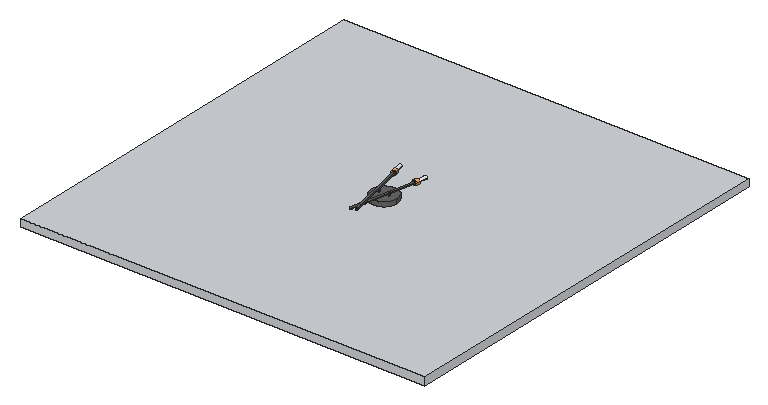
Revit family "P710027-020", category Lighting Fixtures, host Face, Revit 2014
Parameters (values of type "P710027-020")
  Watts = 120 W
  Wattage Comments = "120W"
  Warranty = "5 years Warranty"  # constant formula
  Voltage = 120 V
  URL = "https://www.hubbell.com/progresslighting/en"
  Product Link = "https://www.hubbell.com/progresslighting/en/Products/Lighting-Controls/Design-Series/Wall-Sconce/Astra-Collection-Wall-Bracket/p/2523910"
  Product Documentation Link = "https://hubbellcdn.com/specsheet/PROG_P710027-020_spec.pdf"
  Power Factor = 1
  Model = "P710027-020"  # constant formula
  Manufacturer = "Progress Lighting"  # constant formula
  Load Classification = Lighting
  Gold = Hubbell - Gold
  Width = 7 1/4"
  Lamp = "LED"  # constant formula
  Housing Material = Paint - Hubbell - Textured Camera Black
  Glass = Hubbell - Glass
  Fixture distribution = "Direct"  # constant formula
  Features = "An iconic style design that adds dynamic flair to any room\r\n• Versatile space-aged inspired pieces that can be incorporated into a\r\nvariety of interiors\r\n• Antique Bronze finish\r\n• Wall bracket uses two 60W medium base bulbs (sold separately)\r\n• Ideal for hallways, foyers and entranceways\r\n• Progress Lighting Design Series, a collection offering fashionable styles\r\nand affordable luxury"  # constant formula
  Height = 17 3/4"
  Description = "An iconic fixture, Astra features an organic, asymmetrical design. Ideal for dining room settings or entryways, these space-aged inspired pieces are so versatile they can be incorporated into a variety of interiors. Wall Bracket. Antique Bronze finish."  # constant formula
  Depth = 3 7/8"
  Default Elevation = 48"
  Copyright = " ©2020 Progress Lighting, a division of Hubbell Lighting, Inc"  # constant formula
  Contact = "https://www.hubbell.com/progresslighting/en/contactUs"
  Connector Description = "Lighting Connector"  # constant formula
  Assembly Code = "D5020200"
  Apparent Load = Watts / Power Factor  # 120 VA
Reference planes (in)
  plane 1 "Center (Front/Back)": y = 0
  plane 2: z = 0.5561
  plane 3 "Center (Left/Right)": x = 0
  plane 4: x = -3.625
  plane 5: x = 3.625
  plane 6: y = 8.875
  plane 7: y = -8.875
  plane 8: z = 4.4311
Forms (in)
  Extrusion 1, solid
    sketch origin (0, 0, 0) x (1, 0, 0) y (0, 1, 0)
      loop
        line (-48, 48) -> (-48, -48) -> (48, -48) -> (48, 48) -> (-48, 48)
    from 0.5561 to -1.25
  Extrusion 2, solid, material "Paint - Hubbell - Textured Camera Black" <- "Housing Material"
    sketch origin (0, 0, 0) x (1, 0, 0) y (0, 1, 0)
      loop
        circle (0, 0) r 3
    from 0.5561 to 1.53685
  Revolve 3, solid, material "Hubbell - Gold" <- "Gold"
    sketch origin (1.1418, -0.26482, 2.25) x (-0.984808, -0.173648, 0) y (0.173648, -0.984808, 0)
      loop
        line (-2.24622, -6.81994) -> (-1.8681, -5.89419) -> (-2.33036, -5.70537) -> (-2.70849, -6.63113) -> (-2.24622, -6.81994)
      axis (-2.70849, -6.63113) -> (-2.33036, -5.70537)
    angle from 0 to 360
  Revolve 4, solid, material "Paint - Hubbell - Textured Camera Black" <- "Housing Material"
    sketch origin (1.1418, -0.26482, 2.25) x (-0.984808, -0.173648, 0) y (0.173648, -0.984808, 0)
      loop
        line (-2.33036, -5.70537) -> (-2.14594, -5.7807) -> (3.625, 8.34814) -> (3.45087, 8.44868) -> (-2.33036, -5.70537)
      axis (-2.33036, -5.70537) -> (3.45087, 8.44868)
    angle from 0 to 360
  Revolve 5, solid, material "Hubbell - Glass" <- "Glass"
    sketch origin (1.1418, -0.26482, 2.25) x (-0.984808, -0.173648, 0) y (0.173648, -0.984808, 0)
      loop
        line (-2.70849, -6.63113) -> (-3.53646, -8.65822)
        arc (-3.53646, -8.65822) -> (-3.32756, -8.68102) -> (-3.1262, -8.62091) r 0.53047
        line (-3.1262, -8.62091) -> (-2.36995, -6.76941) -> (-2.70849, -6.63113)
      axis (-2.70849, -6.63113) -> (-3.53646, -8.65822)
    angle from 0 to 360
  Revolve 6, solid, material "Hubbell - Gold" <- "Gold"
    sketch origin (-1.1418, -0.26482, 2.625) x (0.984808, -0.173648, 0) y (0.173648, 0.984808, 0)
      loop
        line (-2.24622, 6.81994) -> (-2.70849, 6.63113) -> (-2.33036, 5.70537) -> (-1.8681, 5.89419) -> (-2.24622, 6.81994)
      axis (-2.70849, 6.63113) -> (-2.33036, 5.70537)
    angle from 0 to 360
  Revolve 7, solid, material "Paint - Hubbell - Textured Camera Black" <- "Housing Material"
    sketch origin (-1.1418, -0.26482, 2.625) x (0.984808, -0.173648, 0) y (0.173648, 0.984808, 0)
      loop
        line (-2.33036, 5.70537) -> (3.45087, -8.44868) -> (3.625, -8.34814) -> (-2.14594, 5.7807) -> (-2.33036, 5.70537)
      axis (-2.33036, 5.70537) -> (3.45087, -8.44868)
    angle from 0 to 360
  Revolve 8, solid, material "Hubbell - Glass" <- "Glass"
    sketch origin (-1.1418, -0.26482, 2.625) x (0.984808, -0.173648, 0) y (0.173648, 0.984808, 0)
      loop
        line (-2.70849, 6.63113) -> (-2.36995, 6.76941) -> (-3.1262, 8.62091)
        arc (-3.1262, 8.62091) -> (-3.32756, 8.68102) -> (-3.53646, 8.65822) r 0.53047
        line (-3.53646, 8.65822) -> (-2.70849, 6.63113)
      axis (-2.70849, 6.63113) -> (-3.53646, 8.65822)
    angle from 0 to 360
  Revolve 9, solid, material "Paint - Hubbell - Textured Camera Black" <- "Housing Material"
    sketch origin (-1.20717, 0, -0.30302) x (1, 0, 0) y (0, 0, 1)
      loop
        line (0, 1.83987) -> (0.12574, 1.83987) -> (0.12574, 2.08987) -> (0.12574, 2.72917) -> (0, 2.72917) -> (0, 1.83987)
      axis (0, 2.72917) -> (0, 1.83987)
    angle from 0 to 360
  Revolve 10, solid, material "Paint - Hubbell - Textured Camera Black" <- "Housing Material"
    sketch origin (0, -5.5, 0) x (1, 0, 0) y (0, 0, 1)
      loop
        line (0, 1.83987) -> (0.08667, 1.83987) -> (0.08667, 2.08987) -> (0.08667, 2.69011) -> (0, 2.69011) -> (0, 1.83987)
      axis (0, 2.69011) -> (0, 1.83987)
    angle from 0 to 360
  Revolve 11, solid, material "Paint - Hubbell - Textured Camera Black" <- "Housing Material"
    sketch origin (1.20717, 0, -0.30302) x (-1, 0, 0) y (0, 0, 1)
      loop
        line (0, 1.83987) -> (0.12574, 1.83987) -> (0.12574, 2.08987) -> (0.12574, 2.72917) -> (0, 2.72917) -> (0, 1.83987)
      axis (0, 2.72917) -> (0, 1.83987)
    angle from 0 to 360
Dimensions and locks (in)
  "Width": plane 4 to plane 5
  "Height": plane 7 to plane 6
  equal spacing: plane 7, plane 1 "Center (Front/Back)", plane 6
  equal spacing: plane 4, plane 3 "Center (Left/Right)", plane 5
  plane 8 to Extrusion 1 = 3 7/8"
  aligned and locked: plane 2 to Extrusion 1
Automatic sketch dimensions
  Extrusion 1 sketch curve to Extrusion 1 sketch curve = 96"  (x2)
  plane 1 "Center (Front/Back)" to Extrusion 2 sketch curve = 0"
  Extrusion 2 sketch curve to plane 3 "Center (Left/Right)" = 0"
  Revolve 3 sketch curve to plane 5 = 0.96734"
  plane 6 to Revolve 3 sketch curve = 2.13911"
  Revolve 3 sketch curve to Revolve 3 sketch curve = 0.37813"
  Revolve 3 sketch curve to Revolve 3 sketch curve = 0.46227"
  Revolve 3 sketch curve to Revolve 3 sketch curve = 0.18881"
  Revolve 3 sketch curve to Revolve 3 sketch curve = 0.91651"
  Revolve 3 sketch curve to Revolve 3 sketch curve = 5.95536"
  Revolve 3 sketch curve to Revolve 3 sketch curve = 2.24387"
  Revolve 3 sketch curve to Revolve 3 sketch curve = 14.58037"
  Revolve 4 sketch curve to plane 5 = 1.17897"
  plane 6 to Revolve 4 sketch curve = 3.11646"
  Revolve 4 sketch curve to Revolve 4 sketch curve = 0.18443"
  Revolve 4 sketch curve to Revolve 4 sketch curve = 5 25/32"
  Revolve 4 sketch curve to Revolve 4 sketch curve = 0.17413"
  Revolve 4 sketch curve to Revolve 4 sketch curve = 0.07533"
  Revolve 4 sketch curve to Revolve 4 sketch curve = 0"  (x2)
  Revolve 4 sketch curve to Revolve 4 sketch curve = 1.79609"
  Revolve 4 sketch curve to Revolve 4 sketch curve = 4.39733"
  Revolve 5 sketch curve to plane 6 = 0.00096"
  Revolve 5 sketch curve to plane 5 = 0.50395"
  Revolve 5 sketch curve to Revolve 5 sketch curve = 0.16086"
  Revolve 5 sketch curve to Revolve 5 sketch curve = 0.41026"
  Revolve 5 sketch curve to Revolve 5 sketch curve = 0.66711"
  Revolve 5 sketch curve to Revolve 5 sketch curve = 0.33854"
  Revolve 5 sketch curve to Revolve 5 sketch curve = 0.03731"
  Revolve 5 sketch curve to Revolve 5 sketch curve = 0.08854"
  Revolve 5 sketch curve to Revolve 5 sketch curve = 0"  (x2)
  Revolve 5 sketch curve to Revolve 5 sketch curve = 0.21678"
  plane 4 to Revolve 6 sketch curve = 0.96734"
  plane 6 to Revolve 6 sketch curve = 2.13911"
  Revolve 6 sketch curve to Revolve 6 sketch curve = 0.37813"
  Revolve 6 sketch curve to Revolve 6 sketch curve = 0.46227"
  Revolve 6 sketch curve to Revolve 6 sketch curve = 0.73694"
  Revolve 6 sketch curve to Revolve 6 sketch curve = 0.91651"
  Revolve 6 sketch curve to Revolve 6 sketch curve = 5.95536"
  Revolve 6 sketch curve to Revolve 6 sketch curve = 14.58037"
  Revolve 6 sketch curve to Revolve 6 sketch curve = 2.24387"
  plane 4 to Revolve 7 sketch curve = 1.17897"
  plane 6 to Revolve 7 sketch curve = 3.11646"
  Revolve 7 sketch curve to Revolve 7 sketch curve = 0.18443"
  Revolve 7 sketch curve to Revolve 7 sketch curve = 5 25/32"
  Revolve 7 sketch curve to Revolve 7 sketch curve = 0.17413"
  Revolve 7 sketch curve to Revolve 7 sketch curve = 14.05351"
  Revolve 7 sketch curve to Revolve 7 sketch curve = 0"  (x2)
  Revolve 7 sketch curve to Revolve 7 sketch curve = 1.79609"
  Revolve 7 sketch curve to Revolve 7 sketch curve = 4.39733"
  Revolve 8 sketch curve to plane 6 = 0.00096"
  plane 4 to Revolve 8 sketch curve = 0.50395"
  Revolve 8 sketch curve to Revolve 8 sketch curve = 0.16086"
  Revolve 8 sketch curve to Revolve 8 sketch curve = 0.41026"
  Revolve 8 sketch curve to Revolve 8 sketch curve = 0.66711"
  Revolve 8 sketch curve to Revolve 8 sketch curve = 0.33854"
  Revolve 8 sketch curve to Revolve 8 sketch curve = 0.03731"
  Revolve 8 sketch curve to Revolve 8 sketch curve = 0.08854"
  Revolve 8 sketch curve to Revolve 8 sketch curve = 0"  (x2)
  Revolve 8 sketch curve to Revolve 8 sketch curve = 0.21678"
  Revolve 9 sketch curve to plane 3 "Center (Left/Right)" = 1.20717"
  Revolve 9 sketch curve to Revolve 9 sketch curve = 0.12574"
  plane 2 to Revolve 9 sketch curve = 0.98075"
  Revolve 9 sketch curve to Revolve 9 sketch curve = 1/4"
  Revolve 9 sketch curve to Revolve 9 sketch curve = 0.63931"
  Revolve 9 sketch curve to Revolve 9 sketch curve = 0"
  Revolve 9 sketch curve to Revolve 9 sketch curve = 0.15877"
  Revolve 9 sketch curve to Revolve 9 sketch curve = 0.45193"
  Revolve 10 sketch curve to plane 3 "Center (Left/Right)" = 0"  (x2)
  plane 3 "Center (Left/Right)" to Revolve 10 sketch curve = 0.08667"
  plane 2 to Revolve 10 sketch curve = 1.28377"
  Revolve 10 sketch curve to Revolve 10 sketch curve = 1/4"
  Revolve 10 sketch curve to Revolve 10 sketch curve = 0.60024"
  Revolve 10 sketch curve to Revolve 10 sketch curve = 0.15877"
  Revolve 10 sketch curve to Revolve 10 sketch curve = 0.49099"
  Revolve 11 sketch curve to plane 3 "Center (Left/Right)" = 1.20717"
  Revolve 11 sketch curve to Revolve 11 sketch curve = 0.12574"
  Revolve 11 sketch curve to plane 2 = 0.98075"
  Revolve 11 sketch curve to Revolve 11 sketch curve = 1/4"
  Revolve 11 sketch curve to Revolve 11 sketch curve = 0.63931"
  Revolve 11 sketch curve to Revolve 11 sketch curve = 0"
  Revolve 11 sketch curve to Revolve 11 sketch curve = 0.15877"
  Revolve 11 sketch curve to Revolve 11 sketch curve = 0.45193"
  radius of Extrusion 2 sketch curve = 3"
Nested families (in)
  nested 1: "Family1" at (-2.93881, 7.875, 0), type "Family1"
  nested 2: "Family1" at (3.31119, 7.875, 0), type "Family1"
Connectors (in)
  electrical at (0, 0, 1.53685), driven by "Voltage", driven by "Apparent Load", driven by "Power Factor", driven by "Connector Description"
    settings: on Extrusion 2, index 1, voltage 120 V, apparent load 120 VA, apparent load phase1 0 VA, apparent load phase2 0 VA, apparent load phase3 0 VA, power factor 1, load classification "Other", number of poles 1, system type 30, power factor state 1, is connector primary yes, connector utility no, sub classification motor no, connector description "Lighting Connector"
Definition of nested family "Family1"
  Parameters (values of type "Family1")
    Wattage = 60 W
    built-in parameter 1150110 = 1 (stored number, unit not read)
    built-in parameter 1114217 = 1 (stored number, unit not read)
    Tilt Angle = 60.00°
    built-in parameter 1150109 = 1 (stored number, unit not read)
    built-in parameter 1150134 = 3
    built-in parameter 1150113 = 1 (stored number, unit not read)
    Photometric Web File = "generic"
    built-in parameter 1150142 = (empty or 0)
    built-in parameter 1150105 = 381.97 (stored number, unit not read)
    Lumens = 4800 lm
    built-in parameter 1150115 = 1 (stored number, unit not read)
    built-in parameter 1150137 = (empty or 0)
    built-in parameter 1150139 = (empty or 0)
    built-in parameter 1150112 = 1 (stored number, unit not read)
    built-in parameter 1150114 = 1 (stored number, unit not read)
    built-in parameter 1150132 = (empty or 0)
    built-in parameter 1150102 = (empty or 0)
    built-in parameter 1150107 = 3200 (stored number, unit not read)
    built-in parameter 1150138 = (empty or 0)
    built-in parameter 1150106 = 3.8197 (stored number, unit not read)
    built-in parameter 1150104 = 7.4322 (stored number, unit not read)
    Dimming Lamp Color Temperature Shift = (empty or 0)
    Color Filter = 16777215
    built-in parameter 1114218 = 1 (stored number, unit not read)
    built-in parameter 1150133 = 10 (stored number, unit not read)
  Reference planes (in)
    plane 1 "Center (Front/Back)": y = 0
    plane 2: z = 0
    plane 3 "Center (Left/Right)": x = 0
  Dimensions and locks (in)
    aligned and locked: level to plane 2
